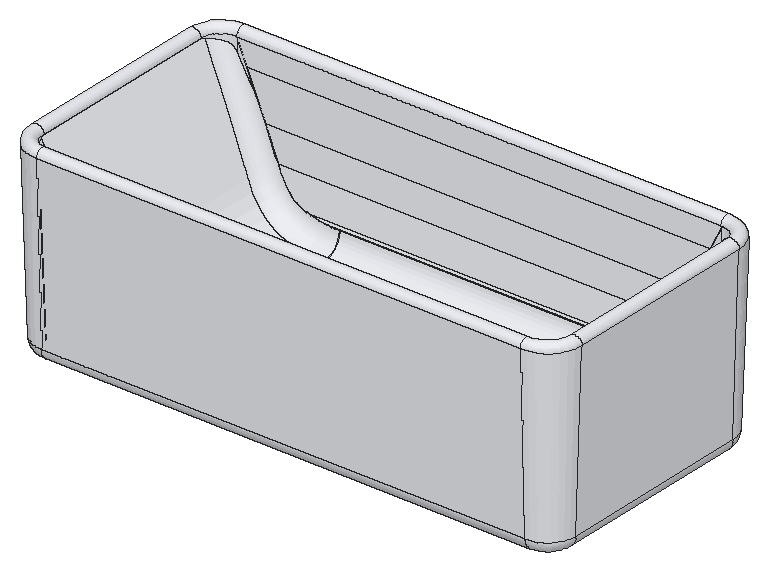
Revit family "Bath-Freestanding-Caroma Cube 1600a", category Plumbing Fixtures, host Face, Revit 2014
Parameters (values of type "Standard")
  Width_ANZRS = 768 mm  # constant formula
  Waste Radius [instance] = 30 mm
  Waste Connection = yes
  Waste = Metal-Chrome-Caroma
  WFU = 4
  Vent Connection = no
  URL = "http://www.caroma.com.au"
  Type Comments = "Integrated adjustable feet included, Footlocker fittings included, no overflow, plug & waste not included, white only"  # constant formula
  PlumbingMaterial_ANZRS = PVC-White-Caroma
  ModifiedIssue_ANZRS = 20141003.01  # constant formula
  Model = "CU6W"  # constant formula
  Material_ANZRS = Porcelain-White-Caroma
  Manufacturer = "GWA Bathrooms & Kitchens"  # constant formula
  Length_ANZRS = 1600 mm  # constant formula
  Keynote = "BT"
  Height_ANZRS = 560 mm  # constant formula
  HW Connection = no
  Description = "Caroma Cube 1600 Freestanding Bath"  # constant formula
  Default Elevation = 0 mm
  CreatedBy_ANZRS = "Design Content"  # constant formula
  CreatedByURL_ANZRS = "http://www.designcontent.com.au"
  Cost = 1599
  Capacity_ANZRS = 375.0 L  # constant formula
  CW Connection = no
  Assembly Code = "C1030210"
Reference planes
  plane 1 "Origin": y = 0
  plane 2 "Bottom": z = 0
  plane 3 "Center (Left/Right)": x = 0
  plane 4 "Back": y = 384
  plane 5 "Front": y = -384
  plane 6 "Left": x = -800
  plane 7 "Right": x = 800
  plane 8: y = 0
  plane 9 "Top": z = 560
Forms (mm)
  Revolve 1, solid, material "Porcelain-White-Caroma" <- "Material_ANZRS"
    sketch origin (0, 140, -4.18) x (0, 1, 0) y (0, 0, 1)
      loop
        arc (-100.991, 112) -> (-103.409, 111.468) -> (-105.381, 109.972) r 5.765
        arc (-105.381, 109.972) -> (-109.228, 106.833) -> (-113.937, 105.262) r 13.775
        line (-113.937, 105.262) -> (-113.937, 90.742) -> (-108.937, 90.742) -> (-108.937, 101.453)
        arc (-108.937, 101.453) -> (-104.932, 103.641) -> (-101.574, 106.731) r 18.775
        line (-101.574, 106.731) -> (-97.088, 112) -> (-100.991, 112)
      axis (-140, 112) -> (-140, 90.742)
    angle from 0 to 360
  Extrusion 2, solid, material "PVC-White-Caroma" <- "PlumbingMaterial_ANZRS"
    sketch origin (0, 140, 0) x (1, 0, 0) y (0, 1, 0)
      loop
        circle (0, -140) r 30
    from 0 to 86.562
  Extrusion 3, void
    sketch origin (0, 140, 0) x (1, 0, 0) y (0, 1, 0)
      loop
        circle (0, -140) r 30
    from -200 to 0
  Revolve 4, solid, material "Metal-Chrome-Caroma" <- "Waste"
    sketch origin (0, 140, -4.18) x (0, 1, 0) y (0, 0, 1)
      loop
        line (-120.711, 98.813) -> (-120.711, 105.262) -> (-116.304, 106.361)
        spline (-116.304, 106.361) -> (-116.507, 107.017) -> (-117.112, 107.661) -> (-118.108, 108.283) -> (-119.479, 108.872) -> (-121.201, 109.418) -> (-123.244, 109.912) -> (-125.575, 110.345) -> (-128.152, 110.71) -> (-130.932, 111) -> (-133.867, 111.211) -> (-136.907, 111.339) -> (-140, 111.382)
        line (-140, 111.382) -> (-140, 98.813) -> (-120.711, 98.813)
      axis (-140, 111.382) -> (-140, 98.813)
    angle from 0 to 360
  Revolve 5, void
    sketch origin (0, 140, -4.18) x (0, 1, 0) y (0, 0, 1)
      loop
        line (-100.991, 112) -> (-100.991, 131.669) -> (-140, 131.669) -> (-140, 90.742) -> (-113.937, 90.742) -> (-113.937, 105.262)
        arc (-113.937, 105.262) -> (-109.228, 106.833) -> (-105.381, 109.972) r 13.775
        arc (-105.381, 109.972) -> (-103.409, 111.468) -> (-100.991, 112) r 5.765
      axis (-140, 131.669) -> (-140, 90.742)
    angle from 0 to 360
  Sweep 6, solid, material "Porcelain-White-Caroma" <- "Material_ANZRS"
    path origin (0, 0, 0) x (1, 0, 0) y (0, 1, 0)
      loop
        arc (-700, 384) -> (-770.711, 354.711) -> (-800, 284) r 100
        line (-800, 284) -> (-800, -284)
        arc (-800, -284) -> (-770.711, -354.711) -> (-700, -384) r 100
        line (-700, -384) -> (700, -384)
        arc (700, -384) -> (770.711, -354.711) -> (800, -284) r 100
        line (800, -284) -> (800, 284)
        arc (800, 284) -> (770.711, 354.711) -> (700, 384) r 100
        line (700, 384) -> (-700, 384)
    profile origin (0, 384, 0) x (0, 1, 0) y (0, 0, 1)
      loop
        arc (-1.223, 539.307) -> (-21.275, 560) -> (-41.194, 539.179) r 20
        line (-41.194, 539.179) -> (-58.846, 30.176) -> (-90, 30.176) -> (-90, 0) -> (-58.563, 0)
        arc (-58.563, 0) -> (-30.773, 11.23) -> (-18.587, 38.614) r 40
        line (-18.587, 38.614) -> (-1.223, 539.307)
  Sweep 7, solid, material "Porcelain-White-Caroma" <- "Material_ANZRS"
    path origin (0, 0, -35) x (1, 0, 0) y (0, 0, 1)
      loop
        line (376.846, 142.82) -> (-376.846, 142.82)
    profile origin (0, 0, 107.82) x (0, 0, -1) y (0, -1, 0)
      loop
        line (0, 249.794) -> (0, -249.794)
        arc (0, -249.794) -> (-15.726, -290.289) -> (-54.661, -309.556) r 60
        line (-54.661, -309.556) -> (-54.661, -317.584)
        arc (-54.661, -317.584) -> (-10.065, -295.951) -> (8, -249.794) r 68
        line (8, -249.794) -> (8, 249.794)
        arc (8, 249.794) -> (-10.065, 295.951) -> (-54.661, 317.584) r 68
        line (-54.661, 317.584) -> (-54.661, 309.556)
        arc (-54.661, 309.556) -> (-15.726, 290.289) -> (0, 249.794) r 60
  SweptBlend 8, solid, material "Porcelain-White-Caroma" <- "Material_ANZRS"
    path origin (0, 0, -35) x (1, 0, 0) y (0, 0, 1)
      loop
        spline (-376.846, 142.82) -> (-453.85, 148.789) -> (-511.022, 165.344) -> (-552.419, 190.459) -> (-582.098, 222.108) -> (-604.116, 258.262) -> (-622.529, 296.896) -> (-640.806, 336.81) -> (-660.423, 379.608) -> (-682.435, 427.487) -> (-707.895, 482.646) -> (-737.857, 547.282) -> (-773.376, 623.592)
    profile origin (-376.846, 0, 107.82) x (0, 0, -1) y (0, -1, 0)
      loop
        line (8, -249.794) -> (8, 249.794)
        arc (8, 249.794) -> (-10.065, 295.951) -> (-54.661, 317.584) r 68
        line (-54.661, 317.584) -> (-54.661, 309.556)
        arc (-54.661, 309.556) -> (-15.726, 290.289) -> (0, 249.794) r 60
        line (0, 249.794) -> (0, -249.794)
        arc (0, -249.794) -> (-15.726, -290.289) -> (-54.661, -309.556) r 60
        line (-54.661, -309.556) -> (-54.661, -317.584)
        arc (-54.661, -317.584) -> (-10.065, -295.951) -> (8, -249.794) r 68
    end profile origin (-773.376, 0, 588.592) x (-0.906308, 0, -0.422618) y (0, -1, 0)
      loop
        line (8, 298.031) -> (8, -298.031)
        arc (8, -298.031) -> (-6.645, -333.386) -> (-42, -348.031) r 50
        line (-42, -348.031) -> (-42, -356.031)
        arc (-42, -356.031) -> (-0.988, -339.043) -> (16, -298.031) r 58
        line (16, -298.031) -> (16, 298.031)
        arc (16, 298.031) -> (-0.988, 339.043) -> (-42, 356.031) r 58
        line (-42, 356.031) -> (-42, 348.031)
        arc (-42, 348.031) -> (-6.645, 333.386) -> (8, 298.031) r 50
  Extrusion 9, void
    sketch origin (0, 0, 0) x (1, 0, 0) y (0, 0, 1)
      loop
        line (-800, 630) -> (-800, 540) -> (800, 540) -> (800, 630) -> (-800, 630)
    from -400 to 400
  SweptBlend 10, solid, material "Porcelain-White-Caroma" <- "Material_ANZRS"
    path origin (0, 0, -35) x (-1, 0, 0) y (0, 0, 1)
      loop
        spline (-376.846, 142.82) -> (-453.85, 148.789) -> (-511.022, 165.344) -> (-552.419, 190.459) -> (-582.098, 222.108) -> (-604.116, 258.262) -> (-622.529, 296.896) -> (-640.806, 336.81) -> (-660.423, 379.608) -> (-682.435, 427.487) -> (-707.895, 482.646) -> (-737.857, 547.282) -> (-773.376, 623.592)
    profile origin (376.846, 0, 107.82) x (0, 0, 1) y (0, -1, 0)
      loop
        arc (-8, -249.794) -> (10.065, -295.951) -> (54.661, -317.584) r 68
        line (54.661, -317.584) -> (54.661, -309.556)
        arc (54.661, -309.556) -> (15.726, -290.289) -> (0, -249.794) r 60
        line (0, -249.794) -> (0, 249.794)
        arc (0, 249.794) -> (15.726, 290.289) -> (54.661, 309.556) r 60
        line (54.661, 309.556) -> (54.661, 317.584)
        arc (54.661, 317.584) -> (10.065, 295.951) -> (-8, 249.794) r 68
        line (-8, 249.794) -> (-8, -249.794)
    end profile origin (773.376, 0, 588.592) x (-0.906308, 0, 0.422618) y (0, -1, 0)
      loop
        arc (-8, 298.031) -> (6.645, 333.386) -> (42, 348.031) r 50
        line (42, 348.031) -> (42, 356.031)
        arc (42, 356.031) -> (0.988, 339.043) -> (-16, 298.031) r 58
        line (-16, 298.031) -> (-16, -298.031)
        arc (-16, -298.031) -> (0.988, -339.043) -> (42, -356.031) r 58
        line (42, -356.031) -> (42, -348.031)
        arc (42, -348.031) -> (6.645, -333.386) -> (-8, -298.031) r 50
        line (-8, -298.031) -> (-8, 298.031)
  Extrusion 11, solid, material "Porcelain-White-Caroma" <- "Material_ANZRS"
    sketch origin (0, 0, -35) x (0, 1, 0) y (0, 0, 1)
      loop
        line (309.556, 197.481) -> (319.722, 197.481)
        arc (319.722, 197.481) -> (321.39, 201.952) -> (322.631, 206.56) r 50.899
        arc (322.631, 206.56) -> (330.666, 251.28) -> (335.23, 296.486) r 589.12
        arc (335.23, 296.486) -> (338.207, 338.992) -> (341.854, 381.446) r 2702.224
        arc (341.854, 381.446) -> (348.908, 477.709) -> (352.02, 574.179) r 2360.763
        line (352.02, 574.179) -> (344.019, 574.179)
        arc (344.019, 574.179) -> (340.916, 478.083) -> (333.889, 382.194) r 2352.763
        arc (333.889, 382.194) -> (330.231, 339.614) -> (327.245, 296.982) r 2710.224
        arc (327.245, 296.982) -> (322.743, 252.39) -> (314.818, 208.277) r 581.12
        arc (314.818, 208.277) -> (313.687, 204.134) -> (312.148, 200.125) r 42.899
        arc (312.148, 200.125) -> (311.092, 198.568) -> (309.556, 197.481) r 5.271
      loop
        arc (-309.556, 197.481) -> (-311.092, 198.568) -> (-312.148, 200.125) r 5.271
        arc (-312.148, 200.125) -> (-313.687, 204.134) -> (-314.818, 208.277) r 42.899
        arc (-314.818, 208.277) -> (-322.743, 252.39) -> (-327.245, 296.982) r 581.12
        arc (-327.245, 296.982) -> (-330.231, 339.614) -> (-333.889, 382.194) r 2710.224
        arc (-333.889, 382.194) -> (-340.916, 478.083) -> (-344.019, 574.179) r 2352.763
        line (-344.019, 574.179) -> (-352.02, 574.179)
        arc (-352.02, 574.179) -> (-348.908, 477.709) -> (-341.854, 381.446) r 2360.763
        arc (-341.854, 381.446) -> (-338.207, 338.992) -> (-335.23, 296.486) r 2702.224
        arc (-335.23, 296.486) -> (-330.666, 251.28) -> (-322.631, 206.56) r 589.12
        arc (-322.631, 206.56) -> (-321.39, 201.952) -> (-319.722, 197.481) r 50.899
        line (-319.722, 197.481) -> (-309.556, 197.481)
    from -800 to 800
  Extrusion 12, void
    sketch origin (0, 0, 0) x (1, 0, 0) y (0, 0, 1)
      loop
        arc (-376.846, 162.481) -> (-420.113, 164.846) -> (-463.093, 170.363) r 593.328
        arc (-463.093, 170.363) -> (-489.278, 177.682) -> (-513.277, 190.462) r 125.677
        arc (-513.277, 190.462) -> (-534.085, 208.232) -> (-550.555, 230.084) r 125.677
        arc (-550.555, 230.084) -> (-565.178, 255.906) -> (-578.679, 282.332) r 690.966
        line (-578.679, 282.332) -> (-703.419, 540) -> (-703.419, 625) -> (-800, 625) -> (-800, 0) -> (800, 0) -> (800, 625) -> (703.419, 625) -> (703.419, 540) -> (578.679, 282.332)
        arc (578.679, 282.332) -> (565.178, 255.906) -> (550.555, 230.084) r 690.966
        arc (550.555, 230.084) -> (534.085, 208.232) -> (513.277, 190.462) r 125.677
        arc (513.277, 190.462) -> (489.278, 177.682) -> (463.093, 170.363) r 125.677
        arc (463.093, 170.363) -> (420.113, 164.846) -> (376.846, 162.481) r 593.328
        line (376.846, 162.481) -> (-376.846, 162.481)
    from -400 to 400
  Extrusion 13, void
    sketch origin (0, 140, 0) x (1, 0, 0) y (0, 1, 0)
      loop
        circle (0, -140) r 30
    from -200 to 0
Cuts and joins
  Revolve 5, Extrusion 9 cuts SweptBlend 8
  Extrusion 9 cuts SweptBlend 10
  Extrusion 12 cuts Extrusion 11
  Revolve 5 cuts Sweep 7
Lines and regions (mm)
  Masking region 1
    outline origin (0, 0, 0) x (1, 0, 0) y (0, 0, 1)
      loop
        arc (-778.14, 560) -> (-792.518, 553.903) -> (-798.129, 539.328) r 20
        line (-798.129, 539.328) -> (-781.299, 38.656)
        arc (-781.299, 38.656) -> (-769.127, 11.245) -> (-741.322, 0) r 40
        line (-741.322, 0) -> (741.322, 0)
        arc (741.322, 0) -> (769.127, 11.245) -> (781.299, 38.656) r 40
        line (781.299, 38.656) -> (798.129, 539.328)
        arc (798.129, 539.328) -> (792.518, 553.903) -> (778.14, 560) r 20
        line (778.14, 560) -> (-778.14, 560)
  Masking region 2
    outline origin (0, 0, 0) x (0, 1, 0) y (0, 0, 1)
      loop
        line (362.14, 560) -> (-362.14, 560)
        arc (-362.14, 560) -> (-376.518, 553.903) -> (-382.129, 539.328) r 20
        line (-382.129, 539.328) -> (-365.299, 38.656)
        arc (-365.299, 38.656) -> (-353.127, 11.245) -> (-325.322, 0) r 40
        line (-325.322, 0) -> (325.322, 0)
        arc (325.322, 0) -> (353.127, 11.245) -> (365.299, 38.656) r 40
        line (365.299, 38.656) -> (382.129, 539.328)
        arc (382.129, 539.328) -> (376.518, 553.903) -> (362.14, 560) r 20
  Masking region 3
    outline origin (0, 0, 0) x (1, 0, 0) y (0, 1, 0)
      loop
        arc (-700, 384) -> (-770.711, 354.711) -> (-800, 284) r 100
        line (-800, 284) -> (-800, -284)
        arc (-800, -284) -> (-770.711, -354.711) -> (-700, -384) r 100
        line (-700, -384) -> (700, -384)
        arc (700, -384) -> (770.711, -354.711) -> (800, -284) r 100
        line (800, -284) -> (800, 284)
        arc (800, 284) -> (770.711, 354.711) -> (700, 384) r 100
        line (700, 384) -> (-700, 384)
  symbolic lines, style "Baths/Showers"
    curve 1: circle (0, 0, 0) r 30 normal (0, 0, 1)
    curve 2: circle (0, 0, 0) r 37.5 normal (0, 0, 1)
    curve 3: arc (-700, 344, 0) -> (-742.426, 326.426, 0) -> (-760, 284, 0) r 60
    curve 4: line (-760, 284, 0) -> (-760, -284, 0)
    curve 5: arc (-760, -284, 0) -> (-742.426, -326.426, 0) -> (-700, -344, 0) r 60
    curve 6: line (-700, -344, 0) -> (700, -344, 0)
    curve 7: arc (700, -344, 0) -> (742.426, -326.426, 0) -> (760, -284, 0) r 60
    curve 8: line (760, -284, 0) -> (760, 284, 0)
    curve 9: arc (760, 284, 0) -> (742.426, 326.426, 0) -> (700, 344, 0) r 60
    curve 10: line (700, 344, 0) -> (-700, 344, 0)
    curve 11: line (-525, 319, 0) -> (525, 319, 0)
    curve 12: line (-625, -219, 0) -> (-625, 219, 0)
    curve 13: line (525, -319, 0) -> (-525, -319, 0)
    curve 14: line (625, 219, 0) -> (625, -219, 0)
    curve 15: arc (-625, 219, 0) -> (-595.711, 289.711, 0) -> (-525, 319, 0) r 100
    curve 16: arc (525, 319, 0) -> (595.711, 289.711, 0) -> (625, 219, 0) r 100
    curve 17: arc (525, -319, 0) -> (595.711, -289.711, 0) -> (625, -219, 0) r 100
    curve 18: arc (-625, -219, 0) -> (-595.711, -289.711, 0) -> (-525, -319, 0) r 100
Dimensions and locks
  equal spacing: plane 5 "Front", plane 1 "Origin", plane 4 "Back"
  plane 5 "Front" to plane 4 "Back" = 768 mm
  equal spacing: plane 6 "Left", plane 3 "Center (Left/Right)", plane 7 "Right"
  plane 6 "Left" to plane 7 "Right" = 1600 mm
  "Waste Radius": radius of Extrusion 2 sketch curve
  "Waste Radius": radius of Extrusion 3 sketch curve
  "Waste Radius": radius of Extrusion 13 sketch curve
  aligned and locked: plane 2 "Bottom" to host face
  aligned and locked: level to host face
Automatic sketch dimensions
  host sketch curve to host sketch curve = 2438.4 mm  (x2)
  Revolve 1 sketch curve to Revolve 1 sketch curve = 0 mm  (x3)
  Revolve 1 sketch curve to plane 1 "Origin" = 0 mm
  Revolve 1 sketch curve to plane 1 "Origin" = 24.13 mm
  Revolve 1 sketch curve to plane 1 "Origin" = 26.063 mm
  Revolve 1 sketch curve to Revolve 1 sketch curve = 5 mm
  Revolve 1 sketch curve to Revolve 1 sketch curve = 3.556 mm
  Revolve 1 sketch curve to Revolve 1 sketch curve = 3.807 mm
  Revolve 1 sketch curve to Revolve 1 sketch curve = 0.583 mm
  Revolve 1 sketch curve to Revolve 1 sketch curve = 3.903 mm
  level to Revolve 1 sketch curve = 56.65 mm
  Revolve 1 sketch curve to Revolve 1 sketch curve = 11.759 mm
  Revolve 1 sketch curve to Revolve 1 sketch curve = 18.153 mm
  Revolve 1 sketch curve to Revolve 1 sketch curve = 10.711 mm
  Revolve 1 sketch curve to Revolve 1 sketch curve = 3.809 mm
  Revolve 1 sketch curve to Revolve 1 sketch curve = 4.782 mm
  Revolve 4 sketch curve to plane 1 "Origin" = 0 mm  (x2)
  Revolve 4 sketch curve to plane 1 "Origin" = 19.289 mm
  Revolve 4 sketch curve to Revolve 4 sketch curve = 4.407 mm
  level to Revolve 4 sketch curve = 56.65 mm
  Revolve 4 sketch curve to Revolve 4 sketch curve = 11.759 mm
  Revolve 4 sketch curve to Revolve 4 sketch curve = 26.224 mm
  Revolve 4 sketch curve to Revolve 4 sketch curve = 6.45 mm
  Revolve 4 sketch curve to Revolve 4 sketch curve = 1.099 mm
  Revolve 4 sketch curve to Revolve 4 sketch curve = 5.021 mm
  Revolve 5 sketch curve to plane 1 "Origin" = 0 mm  (x2)
  Revolve 5 sketch curve to plane 1 "Origin" = 24.13 mm
  Revolve 5 sketch curve to Revolve 5 sketch curve = 26.063 mm
  Revolve 5 sketch curve to Revolve 5 sketch curve = 8.556 mm
  Revolve 5 sketch curve to Revolve 5 sketch curve = 0 mm
  Revolve 5 sketch curve to Revolve 5 sketch curve = 14.879 mm
  level to Revolve 5 sketch curve = 56.65 mm
  Revolve 5 sketch curve to Revolve 5 sketch curve = 11.759 mm
  Revolve 5 sketch curve to Revolve 5 sketch curve = 18.153 mm
  Revolve 5 sketch curve to Revolve 5 sketch curve = 14.52 mm
  Revolve 5 sketch curve to Revolve 5 sketch curve = 0.972 mm
  Revolve 5 sketch curve to Revolve 5 sketch curve = 12.768 mm
  Sweep 6 sketch curve to plane 6 "Left" = 0 mm
  plane 5 "Front" to Sweep 6 sketch curve = 0 mm
  Sweep 6 sketch curve to plane 4 "Back" = 0 mm
  Sweep 6 sketch curve to plane 7 "Right" = 0 mm
  plane 6 "Left" to Sweep 6 sketch curve = 100 mm  (x2)
  Sweep 6 sketch curve to plane 7 "Right" = 100 mm
  Sweep 6 sketch curve to plane 4 "Back" = 100 mm
  Sweep 6 sketch curve to level = 0 mm
  profile plane to Sweep 6 sketch curve = 90 mm
  Sweep 6 sketch curve to Sweep 6 sketch curve = 31.154 mm
  Sweep 6 sketch curve to Sweep 6 sketch curve = 0.283 mm
  profile plane to Sweep 6 sketch curve = 41.194 mm
  profile plane to Sweep 6 sketch curve = 21.211 mm
  profile plane to Sweep 6 sketch curve = 18.587 mm
  profile plane to Sweep 6 sketch curve = 1.223 mm
  level to Sweep 6 sketch curve = 30.176 mm
  level to Sweep 6 sketch curve = 38.614 mm
  Sweep 6 sketch curve to Sweep 6 sketch curve = 499.179 mm
  Sweep 6 sketch curve to Sweep 6 sketch curve = 0.128 mm
  level to Sweep 7 sketch curve = 107.82 mm
  Sweep 7 sketch curve to plane 3 "Center (Left/Right)" = 376.846 mm
  plane 3 "Center (Left/Right)" to Sweep 7 sketch curve = 376.846 mm
  Sweep 7 sketch curve to Sweep 7 sketch curve = 0 mm  (x4)
  Sweep 7 sketch curve to profile plane = 0 mm
  profile plane to Sweep 7 sketch curve = 54.661 mm  (x2)
  Sweep 7 sketch curve to Sweep 7 sketch curve = 5.339 mm  (x2)
  Sweep 7 sketch curve to Sweep 7 sketch curve = 8 mm
  Sweep 7 sketch curve to plane 1 "Origin" = 317.584 mm
  plane 1 "Origin" to Sweep 7 sketch curve = 249.794 mm
  plane 6 "Left" to SweptBlend 8 sketch curve = 26.624 mm
  level to SweptBlend 8 sketch curve = 107.82 mm
  SweptBlend 8 sketch curve to plane 3 "Center (Left/Right)" = 376.846 mm
  SweptBlend 8 sketch curve to SweptBlend 8 sketch curve = 0 mm  (x8)
  SweptBlend 8 sketch curve to profile plane = 0 mm
  profile plane to SweptBlend 8 sketch curve = 54.661 mm  (x2)
  profile plane to SweptBlend 8 sketch curve = 60 mm
  SweptBlend 8 sketch curve to SweptBlend 8 sketch curve = 5.339 mm
  SweptBlend 8 sketch curve to SweptBlend 8 sketch curve = 8 mm  (x2)
  SweptBlend 8 sketch curve to plane 1 "Origin" = 317.584 mm
  plane 1 "Origin" to SweptBlend 8 sketch curve = 249.794 mm
  profile plane to SweptBlend 8 sketch curve = 42 mm  (x2)
  SweptBlend 8 sketch curve to profile plane = 8 mm
  SweptBlend 8 sketch curve to plane 1 "Origin" = 356.031 mm
  plane 1 "Origin" to SweptBlend 8 sketch curve = 298.031 mm
  Extrusion 9 sketch curve to plane 6 "Left" = 0 mm
  Extrusion 9 sketch curve to plane 7 "Right" = 0 mm
  plane 7 "Right" to SweptBlend 10 sketch curve = 26.624 mm
  SweptBlend 10 sketch curve to level = 107.82 mm
  SweptBlend 10 sketch curve to plane 3 "Center (Left/Right)" = 376.846 mm
  SweptBlend 10 sketch curve to SweptBlend 10 sketch curve = 0 mm  (x8)
  profile plane to SweptBlend 10 sketch curve = 0 mm
  profile plane to SweptBlend 10 sketch curve = 8 mm
  SweptBlend 10 sketch curve to profile plane = 54.661 mm  (x2)
  SweptBlend 10 sketch curve to profile plane = 60 mm
  SweptBlend 10 sketch curve to SweptBlend 10 sketch curve = 60 mm
  SweptBlend 10 sketch curve to plane 1 "Origin" = 317.584 mm
  plane 1 "Origin" to SweptBlend 10 sketch curve = 249.794 mm
  profile plane to SweptBlend 10 sketch curve = 16 mm
  SweptBlend 10 sketch curve to SweptBlend 10 sketch curve = 8 mm
  SweptBlend 10 sketch curve to profile plane = 42 mm  (x2)
  SweptBlend 10 sketch curve to plane 1 "Origin" = 356.031 mm
  plane 1 "Origin" to SweptBlend 10 sketch curve = 298.031 mm
  Extrusion 11 sketch curve to Extrusion 11 sketch curve = 0 mm  (x35)
  level to Extrusion 11 sketch curve = 93.931 mm  (x2)
  plane 5 "Front" to Extrusion 11 sketch curve = 2648.254 mm
  Extrusion 11 sketch curve to Extrusion 11 sketch curve = 1023.676 mm  (x2)
  Extrusion 11 sketch curve to plane 5 "Front" = 31.98 mm
  Extrusion 11 sketch curve to Extrusion 11 sketch curve = 8.001 mm
  Extrusion 11 sketch curve to plane 5 "Front" = 42.146 mm
  Extrusion 11 sketch curve to plane 5 "Front" = 48.77 mm
  Extrusion 11 sketch curve to Extrusion 11 sketch curve = 7.965 mm
  Extrusion 11 sketch curve to plane 5 "Front" = 61.369 mm
  Extrusion 11 sketch curve to Extrusion 11 sketch curve = 2.909 mm
  Extrusion 11 sketch curve to Extrusion 11 sketch curve = 7.814 mm  (x2)
  Extrusion 11 sketch curve to Extrusion 11 sketch curve = 7.574 mm  (x2)
  Extrusion 11 sketch curve to Extrusion 11 sketch curve = 2.592 mm  (x2)
  Extrusion 11 sketch curve to Extrusion 11 sketch curve = 2.228 mm  (x2)
  Extrusion 11 sketch curve to Extrusion 11 sketch curve = 34.409 mm  (x2)
  Extrusion 11 sketch curve to Extrusion 11 sketch curve = 74.489 mm
  Extrusion 11 sketch curve to plane 4 "Back" = 111.081 mm
  Extrusion 11 sketch curve to Extrusion 11 sketch curve = 2.67 mm
  Extrusion 11 sketch curve to plane 4 "Back" = 56.755 mm
  Extrusion 11 sketch curve to plane 4 "Back" = 50.111 mm
  Extrusion 11 sketch curve to Extrusion 11 sketch curve = 10.13 mm
  Extrusion 12 sketch curve to Extrusion 12 sketch curve = 0 mm  (x10)
  Extrusion 12 sketch curve to level = 0 mm
  Extrusion 12 sketch curve to plane 6 "Left" = 0 mm
  Extrusion 12 sketch curve to plane 7 "Right" = 0 mm
  plane 6 "Left" to Extrusion 12 sketch curve = 96.581 mm
  plane 6 "Left" to Extrusion 12 sketch curve = 221.321 mm
  Extrusion 12 sketch curve to Extrusion 12 sketch curve = 28.124 mm  (x2)
  Extrusion 12 sketch curve to Extrusion 12 sketch curve = 37.278 mm  (x2)
  Extrusion 12 sketch curve to Extrusion 12 sketch curve = 50.184 mm  (x2)
  Extrusion 12 sketch curve to Extrusion 12 sketch curve = 108.003 mm
  Extrusion 12 sketch curve to Extrusion 12 sketch curve = 86.247 mm  (x2)
  Extrusion 12 sketch curve to plane 3 "Center (Left/Right)" = 366.115 mm
  Extrusion 12 sketch curve to plane 3 "Center (Left/Right)" = 43.242 mm
  plane 3 "Center (Left/Right)" to Extrusion 12 sketch curve = 43.242 mm
  Extrusion 12 sketch curve to Extrusion 12 sketch curve = 322.873 mm
  plane 3 "Center (Left/Right)" to Extrusion 12 sketch curve = 376.846 mm
  Extrusion 12 sketch curve to Extrusion 12 sketch curve = 65.706 mm
  Extrusion 12 sketch curve to plane 7 "Right" = 96.581 mm
  Masking region 3 sketch curve to plane 6 "Left" = 0 mm
  plane 5 "Front" to Masking region 3 sketch curve = 0 mm
  Masking region 3 sketch curve to plane 4 "Back" = 0 mm
  Masking region 3 sketch curve to plane 7 "Right" = 0 mm
  plane 6 "Left" to Masking region 3 sketch curve = 100 mm  (x2)
  Masking region 3 sketch curve to plane 7 "Right" = 100 mm
  Masking region 3 sketch curve to plane 4 "Back" = 100 mm
  curve 1 to curve 2 = 0 mm  (x2)
  plane 1 "Origin" to curve 2 = 0 mm
  curve 2 to plane 3 "Center (Left/Right)" = 0 mm
  plane 6 "Left" to curve 18 = 275 mm
  curve 11 to plane 4 "Back" = 65 mm
  curve 18 to curve 18 = 100 mm
  curve 15 to curve 15 = 100 mm
  curve 5 to plane 5 "Front" = 40 mm
  plane 6 "Left" to curve 5 = 100 mm
  curve 3 to plane 4 "Back" = 40 mm
  plane 6 "Left" to curve 3 = 100 mm
  plane 6 "Left" to curve 5 = 40 mm
  curve 16 to plane 7 "Right" = 275 mm
  curve 17 to plane 5 "Front" = 65 mm
  curve 17 to plane 7 "Right" = 275 mm
  curve 17 to curve 17 = 100 mm
  curve 16 to curve 9 = 75 mm
  curve 6 to plane 7 "Right" = 100 mm
  curve 8 to plane 7 "Right" = 40 mm
  plane 9 "Top" to SweptBlend 8 sketch curve = 28.592 mm
  Extrusion 9 sketch curve to plane 9 "Top" = 20 mm
  Extrusion 9 sketch curve to Extrusion 9 sketch curve = 90 mm
  SweptBlend 10 sketch curve to plane 9 "Top" = 28.592 mm
  level to Extrusion 12 sketch curve = 162.481 mm
  Extrusion 12 sketch curve to Extrusion 12 sketch curve = 7.882 mm  (x2)
  Extrusion 12 sketch curve to plane 9 "Top" = 20 mm  (x2)
  Extrusion 12 sketch curve to Extrusion 12 sketch curve = 85 mm  (x2)
  Masking region 2 sketch curve to plane 9 "Top" = 0 mm
  Masking region 2 sketch curve to level = 0 mm
  Masking region 2 sketch curve to plane 5 "Front" = 1.871 mm
  Masking region 2 sketch curve to plane 5 "Front" = 18.701 mm
  Masking region 2 sketch curve to plane 5 "Front" = 21.86 mm
  Masking region 2 sketch curve to Masking region 2 sketch curve = 39.977 mm
  Masking region 2 sketch curve to plane 4 "Back" = 58.678 mm
  Masking region 2 sketch curve to plane 4 "Back" = 21.86 mm
  Masking region 2 sketch curve to plane 4 "Back" = 18.701 mm
  Masking region 2 sketch curve to plane 4 "Back" = 1.871 mm
  level to Masking region 2 sketch curve = 38.656 mm  (x2)
  Masking region 2 sketch curve to plane 9 "Top" = 20.672 mm  (x2)
  Masking region 1 sketch curve to plane 9 "Top" = 0 mm
  Masking region 1 sketch curve to level = 0 mm
  plane 6 "Left" to Masking region 1 sketch curve = 1.871 mm
  plane 6 "Left" to Masking region 1 sketch curve = 18.701 mm
  Masking region 1 sketch curve to Masking region 1 sketch curve = 19.989 mm
  Masking region 1 sketch curve to Masking region 1 sketch curve = 39.977 mm
  Masking region 1 sketch curve to plane 7 "Right" = 58.678 mm
  Masking region 1 sketch curve to plane 7 "Right" = 21.86 mm
  Masking region 1 sketch curve to plane 7 "Right" = 18.701 mm
  Masking region 1 sketch curve to plane 7 "Right" = 1.871 mm
  level to Masking region 1 sketch curve = 38.656 mm  (x2)
  Masking region 1 sketch curve to plane 9 "Top" = 20.672 mm  (x2)
  plane 1 "Origin" to Extrusion 2 sketch curve = 0 mm
  Extrusion 2 sketch curve to plane 3 "Center (Left/Right)" = 0 mm
  plane 1 "Origin" to Extrusion 3 sketch curve = 0 mm
  Extrusion 3 sketch curve to plane 3 "Center (Left/Right)" = 0 mm
  plane 1 "Origin" to Extrusion 13 sketch curve = 0 mm
  Extrusion 13 sketch curve to plane 3 "Center (Left/Right)" = 0 mm
  radius of curve 1 = 30 mm
  radius of curve 2 = 37.5 mm
Connectors
  piping at (0, 0, 0), diameter 60, driven by "Waste Radius", driven by "WFU"
    settings: on Extrusion 2, index 1, connector inside diameter 2.3622", connector length 0 mm, flow factor 0, pipe flow 0 GPM, pressure drop 0.00 psi, fitting loss kfactor 0, connector angle 0.00°, fixture units 4, engagement length 0 mm, angle of deflection 0.00°, flow configuration 3, flow direction 2, fitting loss method 101, system type 16, joint type 0, gender type 0, connector reference index -1, connector utility 0, adjustable connector no, is connector primary yes, connector description "Waste"
